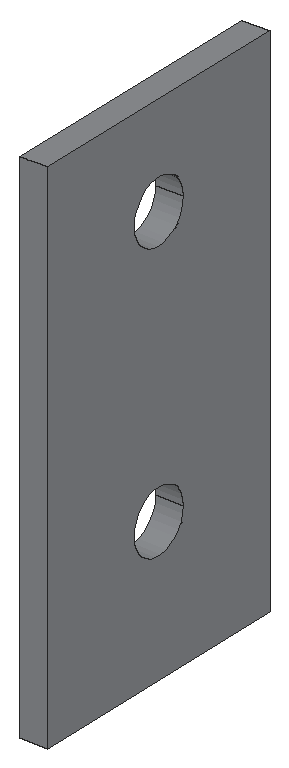
Revit family "Connection-Cleat Plate-Steel & Tube-HST Standard", category Structural Connections, host Face, Revit 2017
Family settings
  Host = Face
  Material for Model Behavior = Steel
  OmniClass Number = 23.25.05.17.11
  OmniClass Title = Column Bases
  Enable cutting in views = Yes
  Cut with Voids When Loaded = No
  Shared = Yes
Parameters (values of type "HST150")
  f = if(Beam Size = 102 mm, 57 mm, if(Beam Size = 152 mm, 41 mm, if(Beam Size = 203 mm, 48 mm, if(Beam Size = 250 mm, 53 mm, if(Beam Size = 300 mm, 55 mm, if(Beam Size = 350 mm, 60 mm, 70 mm))))))  # 41 mm
  g = if(Beam Size = 102 mm, 64 mm, if(Beam Size = 152 mm, 80 mm, if(Beam Size = 203 mm, 120 mm, if(Beam Size = 250 mm, 160 mm, if(Beam Size = 300 mm, 200 mm, if(Beam Size = 350 mm, 240 mm, 280 mm))))))  # 80 mm
  Width_ANZRS [instance] = if(and(Beam Size = 102 mm, End Support), 140 mm, if(and(Beam Size = 102 mm, Internal Support), 280 mm, if(and(not(Beam Size = 102 mm), End Support), 80 mm, 150 mm)))  # 80 mm
  Uniclass2015Version = "2015"  # constant formula
  Uniclass2015Title = "Cold-formed galvanized steel sections"  # constant formula
  Uniclass2015Code = "Pr_20_76_51_21"  # constant formula
  URL = "http://www.steelandtube.co.nz"
  Type Comments = "HST Steel Purlin Standard Cleat"  # constant formula
  SpecificationReference = "3411ST"  # constant formula
  SpecificationDescription = "Steel & Tube Purlins & Girts"  # constant formula
  PlateThickness_ANZRS = 8 mm  # constant formula
  ModifiedIssue_ANZRS = 20160520.01  # constant formula
  Model = if(Beam Size = 102 mm, "HST100", if(Beam Size = 152 mm, "HST150", if(Beam Size = 203 mm, "HST200", if(Beam Size = 250 mm, "HST250", if(Beam Size = 300 mm, "HST300", if(Beam Size = 350 mm, "HST350", "HST400"))))))  # "HST150"
  Material_ANZRS = Metal-Steel-450MPa
  Material Standard = "Steel & Tube’s HST purlins and Girts profiles are manufactured from materials conforming to AS1397:2011"  # constant formula
  ManufacturerURL = "http://www.steelandtube.co.nz"
  ManufacturerName = Manufacturer  # "Steel & Tube"
  Manufacturer = "Steel & Tube"  # constant formula
  Length_ANZRS = PlateThickness_ANZRS  # 8 mm
  Internal Support [instance] = not(End Support)  # no
  Height_ANZRS = if(Beam Size = 102 mm, 100 mm, if(Beam Size = 152 mm, 150 mm, if(Beam Size = 203 mm, 200 mm, if(Beam Size = 250 mm, 250 mm, if(Beam Size = 300 mm, 300 mm, if(Beam Size = 350 mm, 340 mm, 380 mm))))))  # 150 mm
  End Support [instance] = yes
  Disclaimer [instance] = "Steel & Tube makes no representations or warranties about the information in this document, including (but not limited to) whether the information, and any materials referred to, are fit for purpose. The user is responsible for ensuring that the information, and any materials referred to, are fit for the purpose for which they are intended to be used. Except as required by law, Steel & Tube is not liable for any cost, loss, claim or expense incurred by any person as a result of any person using or relying on the information in this document."  # constant formula
  Design Standard = "Steel & Tube’s HST purlins and Girts profiles are designed in accordance with AS/NZS 4600:2005."  # constant formula
  Design Instruction = "All the design information should be cross referenced with the current Steel & Tube Purlins and Girts design guide, and AS/NZS 4600:2005"  # constant formula
  Description = "HST Steel Purlins and Girts are high strength lipped profile sections, providing an economic solution for your building project."  # constant formula
  Default Elevation = 0 mm
  CreatedBy_ANZRS = "Design Content"  # constant formula
  CreatedByURL_ANZRS = "http://www.designcontent.com.au"
  Column4 Centre Offset [instance] = if(and(Beam Size = 102 mm, Internal Support), 41 mm + g, 500 mm)  # 500 mm
  Column3 Centre Offset [instance] = if(and(not(Beam Size = 102 mm), End Support), 550 mm, if(and(Beam Size = 102 mm, End Support), g / 2, 41 mm))  # 550 mm
  Column2 Centre Offset [instance] = if(and(not(Beam Size = 102 mm), End Support), 0 mm, if(and(Beam Size = 102 mm, End Support), g / 2, 41 mm))  # 0 mm
  Column1 Centre Offset [instance] = if(and(Beam Size = 102 mm, Internal Support), 41 mm + g, 500 mm)  # 500 mm
  CBIDescription = "Structural steelwork"  # constant formula
  CBICode = "3411"  # constant formula
  Bolt Row2 Validation = if(not(Beam Size = 102 mm), g, 500 mm)  # 80 mm
  Beam Size = 152 mm
  Assembly Code = "B1020230"
Reference planes
  plane 1 "Center (Front/Back)": y = 0
  plane 2: z = 0
  plane 3 "Center (Left/Right)": x = 0
  plane 4 "Back": y = 40
  plane 5 "Front": y = -40
  plane 6 "Left": x = -4
  plane 7 "Right": x = 4
  plane 8 "Column1": y = 500
  plane 9 "Column2": y = 0
  plane 10 "Top": z = 150
  plane 11 "Bolt Row1": z = 41
  plane 12 "Bolt Row2": z = 121
  plane 13 "Column3": y = -550
  plane 14 "Column4": y = -500
Forms (mm)
  Extrusion 1, solid, material "Metal-Steel-450MPa" <- "Material_ANZRS", detail levels medium
    sketch origin (0, 0, 0) x (1, 0, 0) y (0, 0, 1)
      loop
        line (-4, 0) -> (4, 0) -> (4, 150) -> (-4, 150) -> (-4, 0)
    from -40 to 40
  Extrusion 2, solid, material "Metal-Steel-450MPa" <- "Material_ANZRS", detail levels fine
    sketch origin (0, 0, 0) x (1, 0, 0) y (0, 0, 1)
      loop
        line (-4, 0) -> (4, 0) -> (4, 150) -> (-4, 150) -> (-4, 0)
    from -40 to 40
  Extrusion 3, void
    sketch origin (0, 0, 0) x (0, 1, 0) y (0, 0, 1)
      loop
        circle (500, 121) r 9
      loop
        circle (500, 41) r 9
      loop
        circle (0, 41) r 9
      loop
        circle (0, 121) r 9
      loop
        circle (-500, 41) r 9
      loop
        circle (-500, 121) r 9
      loop
        circle (-550, 41) r 9
      loop
        circle (-550, 121) r 9
    from -4 to 4
Cuts and joins
  Extrusion 3 cuts Extrusion 2
Dimensions and locks
  equal spacing: plane 5 "Front", plane 1 "Center (Front/Back)", plane 4 "Back"
  "Width_ANZRS": plane 5 "Front" to plane 4 "Back"
  equal spacing: plane 6 "Left", plane 3 "Center (Left/Right)", plane 7 "Right"
  "Length_ANZRS": plane 6 "Left" to plane 7 "Right"
  "Height_ANZRS": plane 10 "Top" to plane 2
  "Bolt Row2 Validation": plane 12 "Bolt Row2" to plane 11 "Bolt Row1"
  "f": plane 11 "Bolt Row1" to plane 2
  "Column1 Centre Offset": plane 1 "Center (Front/Back)" to plane 8 "Column1"
  "Column2 Centre Offset": plane 1 "Center (Front/Back)" to plane 9 "Column2"
  "Column3 Centre Offset": plane 13 "Column3" to plane 1 "Center (Front/Back)"
  "Column4 Centre Offset": plane 14 "Column4" to plane 1 "Center (Front/Back)"
  aligned and locked: plane 2 to host face
  aligned and locked: level to host face
  aligned and locked: plane 2 to Extrusion 1 sketch curve
  aligned and locked: Extrusion 1 sketch curve to plane 7 "Right"
  aligned and locked: Extrusion 1 sketch curve to plane 10 "Top"
  aligned and locked: Extrusion 1 to plane 4 "Back"
  aligned and locked: plane 5 "Front" to Extrusion 1
  aligned and locked: plane 2 to Extrusion 2 sketch curve
  aligned and locked: Extrusion 2 sketch curve to plane 7 "Right"
  aligned and locked: Extrusion 2 sketch curve to plane 10 "Top"
  aligned and locked: Extrusion 2 to plane 4 "Back"
  aligned and locked: plane 5 "Front" to Extrusion 2
  aligned and locked: plane 8 "Column1" to Extrusion 3 sketch curve  (x2)
  aligned and locked: plane 9 "Column2" to Extrusion 3 sketch curve  (x2)
  aligned and locked: plane 12 "Bolt Row2" to Extrusion 3 sketch curve  (x4)
  aligned and locked: plane 11 "Bolt Row1" to Extrusion 3 sketch curve  (x4)
  aligned and locked: plane 7 "Right" to Extrusion 3
  aligned and locked: plane 6 "Left" to Extrusion 2 sketch curve
  aligned and locked: plane 6 "Left" to Extrusion 1 sketch curve
  aligned and locked: Extrusion 3 to plane 6 "Left"
  aligned and locked: plane 14 "Column4" to Extrusion 3 sketch curve  (x2)
  aligned and locked: plane 13 "Column3" to Extrusion 3 sketch curve  (x2)
Automatic sketch dimensions
  host sketch curve to host sketch curve = 2438.4 mm  (x2)
  radius of Extrusion 3 sketch curve = 9 mm  (x8)
Types in the file's own list only (6): name | f | g | ModifiedIssue_ANZRS | Model | Height_ANZRS | Bolt Row2 Validation | Beam Size
  HST100 | 57 mm | 64 mm | 20160520.01 $ | "HST100" | 100 mm | 500 mm | 102 mm
  HST200 | 48 mm | 120 mm | 20160520.01 $ | "HST200" | 200 mm | 120 mm | 203 mm
  HST250 | 53 mm | 160 mm | 20160520.01 $ | "HST250" | 250 mm | 160 mm | 250 mm
  HST300 | 55 mm | 200 mm | 20160520.01 $ | "HST300" | 300 mm | 200 mm | 300 mm
  HST350 | 60 mm | 240 mm | 20160520.01 $ | "HST350" | 340 mm | 240 mm | 350 mm
  HST400 | 70 mm | 280 mm | 20160520.01 $ | "HST400" | 380 mm | 280 mm | 400 mm
